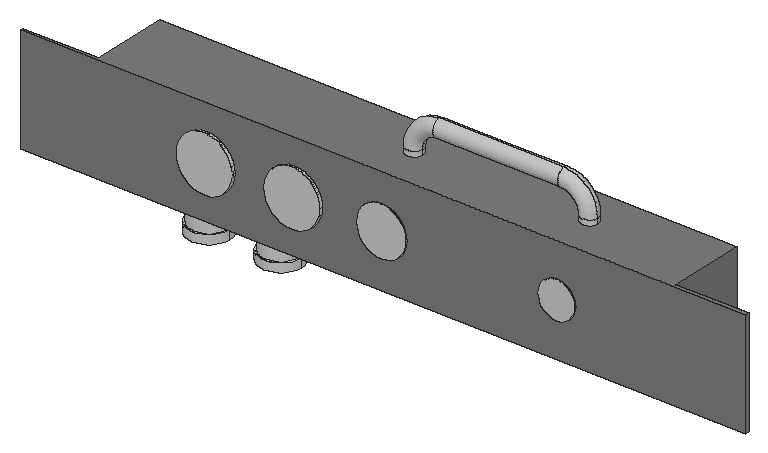
Revit family "5400RVA4", category Generic Models, Revit 2015
Parameters (values of type "Standard")
  e-mail = "info@vola.com"
  URL = "http://vola.com"
  Telephone = "+45 7023 5500"
  Quality management standard = "ISO 9001"
  Organisation no. / DUNS no. = "17531328"
  Occupational health and safety management standard = "ISO 18001"
  Mounting Instructions = "http://vola.com/service/producturl.ashx?name=5400R"
  Model = "5400RVA4"
  Materials and components information = "http://vola.com/service/producturl.ashx?name=5400R"
  Manufacturer = "VOLA A/S"
  Maintenance Instructions = "http://vola.com/service/producturl.ashx?name=5400R"
  Guarantee = "2 years"
  Flow = "43,00 l/min"
  Environmental management standard = "ISO 14000"
  Connection - All relevant connections = ""
  Approvals = "http://vola.com/service/producturl.ashx?name=5400R"
Reference planes
  plane 1 "Center (Front/Back)": y = 0
  plane 2: z = 0
  plane 3 "Center (Left/Right)": x = 0
  plane 4 "Inlet Center Plane": y = -29
  plane 5: z = 85
Forms (mm)
  Extrusion 1, solid, material "Default"
    sketch origin (10, 0, 16) x (1, 0, 0) y (0, 1, 0)
      loop
        line (-147.5, 0) -> (-147.5, -69) -> (366.5, -69) -> (366.5, 0) -> (-147.5, 0)
    from 21.5 to 116.5
  Extrusion 2, solid, material "Default"
    sketch origin (10, -1, 16) x (1, 0, 0) y (0, 1, 0)
      loop
        line (-215, -68) -> (-215, -70.5) -> (431.5, -70.5) -> (431.5, -68) -> (-215, -68)
    from 21.5 to 116.5
  Extrusion 3, solid, material "Stainless Steel"
    sketch origin (-59, -4, 37.5) x (0, 1, 0) y (1, 0, 0)
      loop
        circle (-25, -12) r 16.5
    from 0 to 29.77
  Extrusion 4, solid, material "Stainless Steel"
    sketch origin (5, -4, 37.5) x (0, 1, 0) y (1, 0, 0)
      loop
        circle (-25, -12) r 16.5
    from 0 to 29.77
  Extrusion 5, solid, material "Stainless Steel"
    sketch origin (-51.5, -71.5, 16) x (-1, 0, 0) y (0, 0, -1)
      loop
        circle (-12.5, -69) r 24.89
    from 0 to 2.5
  Extrusion 6, solid, material "Stainless Steel"
    sketch origin (26.5, -71.5, 16) x (-1, 0, 0) y (0, 0, -1)
      loop
        circle (-12.5, -69) r 24.89
    from 0 to 2.5
  Extrusion 7, solid, material "Stainless Steel"
    sketch origin (65.5, -71.5, 16) x (-1, 0, 0) y (0, 0, -1)
      loop
        circle (-51.5, -69) r 22
    from 0 to 0.26
  Extrusion 8, solid, material "Stainless Steel"
    sketch origin (-59, -4, 7.73) x (-1, 0, 0) y (0, 1, 0)
      loop
        circle (12, -25) r 18.5
    from 0 to 7.73
  Extrusion 9, solid, material "Stainless Steel"
    sketch origin (5, -4, 7.73) x (-1, 0, 0) y (0, 1, 0)
      loop
        circle (12, -25) r 18.5
    from 0 to 7.73
  Extrusion 10, solid, material "Stainless Steel"
    sketch origin (221.5, -71.5, 16) x (-1, 0, 0) y (0, 0, -1)
      loop
        circle (-51.5, -69) r 16.5
    from 0 to 0.26
  Sweep 11, solid, material "Stainless Steel"
    path origin (92, -35.26, -1049.2) x (-1, 0, 0) y (0, 0, 1)
      loop
        line (-25, 1181.7) -> (-25, 1186.2)
        arc (-25, 1186.2) -> (-31.59, 1202.11) -> (-47.5, 1208.7) r 22.5
        line (-47.5, 1208.7) -> (-158.5, 1208.7)
        arc (-158.5, 1208.7) -> (-174.41, 1202.11) -> (-181, 1186.2) r 22.5
        line (-181, 1186.2) -> (-181, 1181.7)
    profile origin (117, -35.26, 134.75) x (1, 0, 0) y (0, 1, 0)
      loop
        circle (0, 0) r 7.5
Cuts and joins
  joined: Extrusion 1, Extrusion 2
Lines and regions (mm)
  reference lines
    curve 1: line (117, -29, 85) -> (117, -121.5, 85)
    curve 2: line (39, -29, 85) -> (39, -121.5, 85)
    curve 3: line (-39, -29, 85) -> (-39, -121.5, 85)
    curve 4: line (-71, -29, 85) -> (-71, -29, -14)
    curve 5: line (-7, -29, 85) -> (-7, -29, -14)
    curve 6: line (273, -29, 85) -> (273, -121.5, 85)
    curve 7: line (117, -35.26, 132.5) -> (117, -35.26, -12.5)
Dimensions and locks
  aligned and locked: plane 2 to level
  aligned and locked: Extrusion 1 to Extrusion 2
  aligned and locked: Extrusion 2 to Extrusion 1
